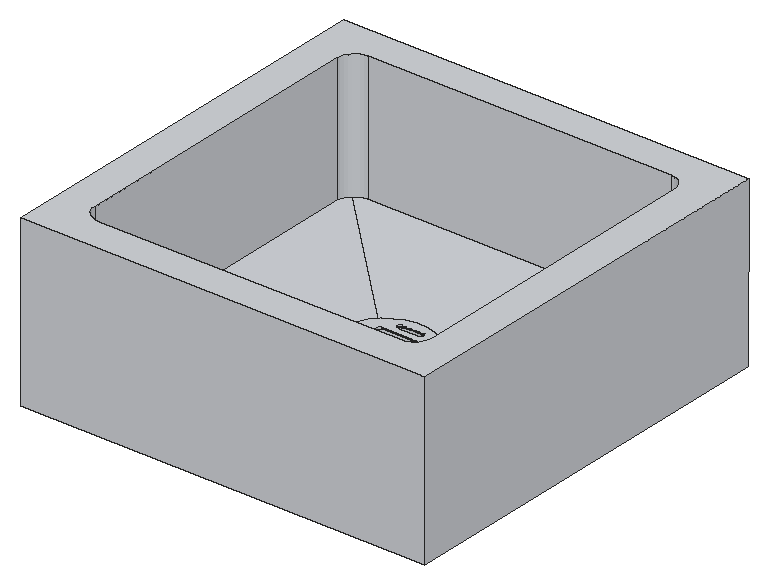
Revit family "TRH-242410", category Plumbing Fixtures, host Face, Revit 2016
Family settings
  Host = Face
  Part Type = Normal
  Round Connector Dimension = Use Diameter
  OmniClass Number = 23.45.05.21.14.17
  OmniClass Title = Sanitary Disposal Connectors
  Cut with Voids When Loaded = No
  Shared = Yes
  Room Calculation Point = No
Parameters (values of type "TRH-242410")
  Waste Connection = yes
  TRH-242410- Terrazzo Reduced Height Mop Sink = yes
  Voltage = 0
  Vent Connection = no
  URL = "https://www.acorneng.com/"
  Type Comments = ""
  Tempered Water Connection = no
  Revised Date = "04/17/17"
  Phone # = "(800) 488-8999"
  Model = "TRH-242410"
  Material = Type 304 Stainless Steel
  Manufacturer = "Acorn Engineering Co."
  HW Connection = no
  Designed By = "ACORN DESIGN BIM TEAM"
  Description = "Terrazzo Reduced Height Mop Sink"
  Default Elevation = 0"
  CW Connection = no
  Assembly Code = ""
  Amperage = 0
Reference planes (in)
  plane 1 "Center (Front/Back)": y = 0
  plane 2: z = 0
  plane 3 "Center (Left/Right)": x = 0
  plane 4: z = 10
  plane 5: x = -25.25
  plane 6: x = 25.25
  plane 7: y = 24
  plane 8: y = -24
  plane 9: y = 12
  plane 10: y = -12
  plane 11 "FAUCET BASE": z = 0
  plane 12: z = 2.07626
  plane 13: x = -12
  plane 14: x = 12
Forms (in)
  Extrusion 1, solid
    sketch origin (-11.5, -3, 0) x (-1, 0, 0) y (0, -1, 0)
      loop
        line (0.5, -15) -> (0.5, 9) -> (-23.5, 9) -> (-23.5, -15) -> (0.5, -15)
      loop
        line (-1.5, -13) -> (-1.5, 7) -> (-21.5, 7) -> (-21.5, -13) -> (-1.5, -13)
    from 0 to 10
  Extrusion 2, solid
    sketch origin (0, 0, 0) x (0, 1, 0) y (0, 0, 1)
      loop
        line (0, 2) -> (-1.77447, 2) -> (-10, 2.43108) -> (-10, 0) -> (10, 0) -> (10, 2.43108) -> (1.77447, 2) -> (0, 2)
    from -10 to 10
  Extrusion 3, solid
    sketch origin (0, 0, 0) x (1, 0, 0) y (0, 0, 1)
      loop
        line (0, 2) -> (-1.77447, 2) -> (-10, 2.43108) -> (-10, 0) -> (10, 0) -> (10, 2.43108) -> (1.77447, 2) -> (0, 2)
    from -10 to 10
  Extrusion 4, void
    sketch origin (0, 0, 0) x (-1, 0, 0) y (0, -1, 0)
      loop
        circle (0, 0) r 2.125
    from 0 to 2.43108
  Extrusion 5, solid
    sketch origin (0, 0, 0) x (-1, 0, 0) y (0, -1, 0)
      loop
        line (10, -10) -> (10, -9)
        arc (10, -9) -> (9.70711, -9.70711) -> (9, -10) r 1
        line (9, -10) -> (10, -10)
    from 2.0948 to 10
  Extrusion 6, solid
    sketch origin (0, 0, 0) x (1, 0, 0) y (0, 1, 0)
      loop
        line (10, 10) -> (9, 10)
        arc (9, 10) -> (9.70711, 9.70711) -> (10, 9) r 1
        line (10, 9) -> (10, 10)
    from 2.0948 to 10
  Extrusion 7, solid
    sketch origin (0, 0, 0) x (-1, 0, 0) y (0, -1, 0)
      loop
        line (10, 10) -> (9, 10)
        arc (9, 10) -> (9.70711, 9.70711) -> (10, 9) r 1
        line (10, 9) -> (10, 10)
    from 2.0948 to 10
  Extrusion 8, solid
    sketch origin (0, 0, 0) x (1, 0, 0) y (0, 1, 0)
      loop
        line (10, -10) -> (10, -9)
        arc (10, -9) -> (9.70711, -9.70711) -> (9, -10) r 1
        line (9, -10) -> (10, -10)
    from 2.0948 to 10
  Extrusion 9, solid
    sketch origin (0, 0, 0) x (-1, 0, 0) y (0, -1, 0)
      loop
        circle (0, 0) r 2.75
      loop
        arc (0.61598, -2.15118) -> (0.80092, -1.96624) -> (0.61598, -1.78129) r 0.18494
        line (0.61598, -1.78129) -> (-0.62086, -1.78129)
        arc (-0.62086, -1.78129) -> (-0.8058, -1.96624) -> (-0.62086, -2.15118) r 0.18494
        line (-0.62086, -2.15118) -> (0.61598, -2.15118)
      loop
        arc (1.23696, -1.40379) -> (1.4219, -1.21885) -> (1.23696, -1.0339) r 0.18494
        line (1.23696, -1.0339) -> (-1.31757, -1.0339)
        arc (-1.31757, -1.0339) -> (-1.50251, -1.21885) -> (-1.31757, -1.40379) r 0.18494
        line (-1.31757, -1.40379) -> (1.23696, -1.40379)
      loop
        arc (1.86964, -0.66875) -> (2.05458, -0.48381) -> (1.86964, -0.29887) r 0.18494
        line (1.86964, -0.29887) -> (-1.86717, -0.29887)
        arc (-1.86717, -0.29887) -> (-2.05211, -0.48381) -> (-1.86717, -0.66875) r 0.18494
        line (-1.86717, -0.66875) -> (1.86964, -0.66875)
      loop
        line (0.61598, 2.15118) -> (-0.62086, 2.15118)
        arc (-0.62086, 2.15118) -> (-0.8058, 1.96624) -> (-0.62086, 1.78129) r 0.18494
        line (-0.62086, 1.78129) -> (0.61598, 1.78129)
        arc (0.61598, 1.78129) -> (0.80092, 1.96624) -> (0.61598, 2.15118) r 0.18494
      loop
        line (1.23696, 1.40379) -> (-1.31757, 1.40379)
        arc (-1.31757, 1.40379) -> (-1.50251, 1.21885) -> (-1.31757, 1.0339) r 0.18494
        line (-1.31757, 1.0339) -> (1.23696, 1.0339)
        arc (1.23696, 1.0339) -> (1.4219, 1.21885) -> (1.23696, 1.40379) r 0.18494
      loop
        line (1.86964, 0.66875) -> (-1.86717, 0.66875)
        arc (-1.86717, 0.66875) -> (-2.05211, 0.48381) -> (-1.86717, 0.29887) r 0.18494
        line (-1.86717, 0.29887) -> (1.86964, 0.29887)
        arc (1.86964, 0.29887) -> (2.05458, 0.48381) -> (1.86964, 0.66875) r 0.18494
    from 2.07626 to 2
Cuts and joins
  Extrusion 4 cuts Extrusion 2
  Extrusion 4 cuts Extrusion 3
  joined: Extrusion 1, Extrusion 2, Extrusion 3, Extrusion 5, Extrusion 6, Extrusion 7, Extrusion 8, Extrusion 9
Dimensions and locks (in)
  plane 2 to plane 4 = 10"
  equal spacing: plane 5, plane 3 "Center (Left/Right)", plane 6
  equal spacing: plane 7, plane 1 "Center (Front/Back)", plane 8
  equal spacing: plane 9, plane 1 "Center (Front/Back)", plane 10
  locked: Extrusion 1 sketch curve to Extrusion 1 sketch curve at 2  (x3)
  equal spacing: plane 10, plane 1 "Center (Front/Back)", plane 9
  equal spacing: plane 13, plane 3 "Center (Left/Right)", plane 14
  equal spacing: Extrusion 1 sketch curve, plane 3 "Center (Left/Right)", Extrusion 1 sketch curve
  plane 4 to level = 10"
  Extrusion 2 sketch curve to host face = 2.43108"
  host face to Extrusion 2 sketch curve = 2"
  equal spacing: Extrusion 2 sketch curve, plane 1 "Center (Front/Back)", Extrusion 2 sketch curve
  Extrusion 2 sketch curve to Extrusion 2 sketch curve = 3.54894"
  Extrusion 3 sketch curve to Extrusion 3 sketch curve = 3.54894"
  plane 13 to plane 3 "Center (Left/Right)" = 12"
  plane 1 "Center (Front/Back)" to plane 9 = 12"
  Extrusion 9 sketch curve to Extrusion 9 sketch curve = 2.73948"
  angle host face to Extrusion 2 sketch curve = 3.00°
  aligned and locked: plane 2 to host face
  aligned and locked: level to host face
  aligned and locked: plane 6 to host face
  aligned and locked: plane 4 to Extrusion 1
  aligned and locked: Extrusion 1 to plane 9
  aligned and locked: plane 10 to Extrusion 1
  aligned and locked: Extrusion 1 to plane 13
  aligned and locked: plane 14 to Extrusion 1
  aligned and locked: Extrusion 2 to Extrusion 1  (x2)
  aligned and locked: Extrusion 3 to Extrusion 1  (x2)
Automatic sketch dimensions
  host sketch curve to host sketch curve = 50 1/2"
  host sketch curve to host sketch curve = 48"
  plane 9 to Extrusion 1 sketch curve = 0"
  Extrusion 1 sketch curve to plane 14 = 0"
  Extrusion 1 sketch curve to plane 13 = 0"
  plane 10 to Extrusion 1 sketch curve = 0"
  Extrusion 2 sketch curve to level = 0"
  Extrusion 2 sketch curve to plane 1 "Center (Front/Back)" = 0"
  Extrusion 2 sketch curve to plane 10 = 2"
  plane 9 to Extrusion 2 sketch curve = 2"
  Extrusion 2 sketch curve to Extrusion 2 sketch curve = 0"
  Extrusion 3 sketch curve to level = 0"
  Extrusion 3 sketch curve to plane 3 "Center (Left/Right)" = 0"
  Extrusion 3 sketch curve to plane 12 = 0.07626"
  Extrusion 3 sketch curve to plane 3 "Center (Left/Right)" = 1.77447"
  plane 13 to Extrusion 3 sketch curve = 2"
  plane 3 "Center (Left/Right)" to Extrusion 3 sketch curve = 1.77447"
  plane 12 to Extrusion 3 sketch curve = 0.35483"  (x2)
  Extrusion 3 sketch curve to plane 14 = 2"
  plane 1 "Center (Front/Back)" to Extrusion 4 sketch curve = 0"
  Extrusion 4 sketch curve to plane 3 "Center (Left/Right)" = 0"
  plane 13 to Extrusion 5 sketch curve = 3"
  Extrusion 5 sketch curve to Extrusion 5 sketch curve = 1"
  plane 9 to Extrusion 5 sketch curve = 2"
  plane 14 to Extrusion 6 sketch curve = 3"
  Extrusion 6 sketch curve to Extrusion 6 sketch curve = 1"
  Extrusion 6 sketch curve to plane 9 = 2"
  Extrusion 7 sketch curve to plane 13 = 3"
  Extrusion 7 sketch curve to Extrusion 7 sketch curve = 1"
  plane 10 to Extrusion 7 sketch curve = 2"
  Extrusion 8 sketch curve to plane 14 = 3"
  Extrusion 8 sketch curve to Extrusion 8 sketch curve = 1"
  Extrusion 8 sketch curve to plane 10 = 2"
  plane 1 "Center (Front/Back)" to Extrusion 9 sketch curve = 0"
  Extrusion 9 sketch curve to plane 3 "Center (Left/Right)" = 0"
  plane 3 "Center (Left/Right)" to Extrusion 9 sketch curve = 0.62086"  (x2)
  Extrusion 9 sketch curve to Extrusion 9 sketch curve = 0.69671"  (x2)
  Extrusion 9 sketch curve to Extrusion 9 sketch curve = 0.5496"  (x2)
  Extrusion 9 sketch curve to plane 3 "Center (Left/Right)" = 0.61598"  (x2)
  Extrusion 9 sketch curve to Extrusion 9 sketch curve = 0.62098"  (x2)
  Extrusion 9 sketch curve to Extrusion 9 sketch curve = 0.63267"
  plane 1 "Center (Front/Back)" to Extrusion 9 sketch curve = 0.29887"
  Extrusion 9 sketch curve to Extrusion 9 sketch curve = 0"
  Extrusion 9 sketch curve to plane 1 "Center (Front/Back)" = 0.29887"
  Extrusion 9 sketch curve to Extrusion 9 sketch curve = 0.18494"  (x6)
  Extrusion 9 sketch curve to Extrusion 9 sketch curve = 0.36515"  (x2)
  Extrusion 9 sketch curve to Extrusion 9 sketch curve = 0.3775"  (x2)
  radius of Extrusion 4 sketch curve = 2 1/8"
  radius of Extrusion 9 sketch curve = 2 3/4"
Connectors (in)
  piping at (0, 0, 0), diameter 3
    settings: on cut or joined group of Extrusion 1, Extrusion 2, Extrusion 3, Extrusion 4, Extrusion 5, Extrusion 6, Extrusion 7, Extrusion 8, Extrusion 9, index 1, connector inside diameter 24", connector length 0", flow factor 0, pipe flow 0 GPM, pressure drop 0.00 psi, fitting loss kfactor 0, connector angle 0.00°, fixture units 0, engagement length 0", angle of deflection 0.00°, flow configuration 0, flow direction 2, fitting loss method 0, system type 7, joint type 0, gender type 0, connector reference index -1, connector utility 0, adjustable connector no, is connector primary yes, connector description "3\" IPS S/S Caulk Drain Connection"
